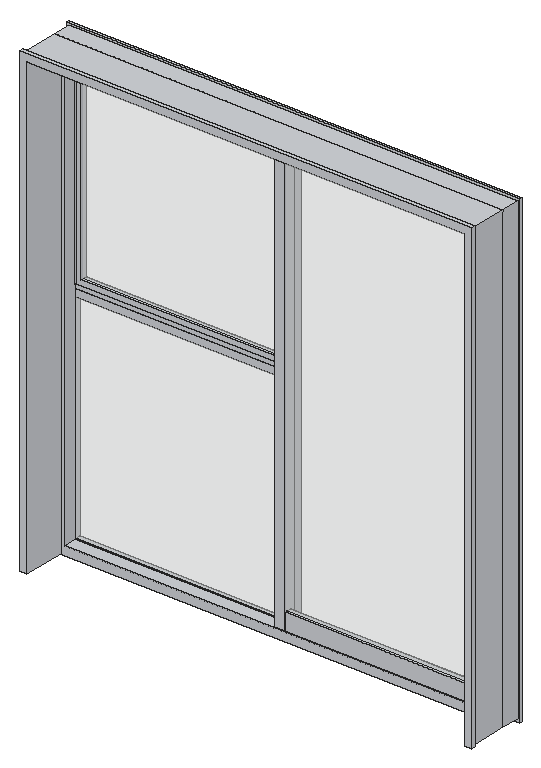
Revit family "APL Residential Thermal Heart Sliding Door SF with Sidelight", category Doors, host Wall, Revit 2017
Family settings
  Host = Wall
  OmniClass Number = 23.30.10.00
  OmniClass Title = Doors
  Always vertical = Yes
  Cut with Voids When Loaded = No
  Shared = No
  Room Calculation Point = No
Parameters (values of type "Architrave")
  Type [instance] = APL Residential Thermal Heart Sliding Door SF with Sidelight Horizontal Section : Groove Liner
  Sash [instance] = yes
  Rough Width = 2415 mm
  Rough Height = 2500 mm
  Rebate Height [instance] = 69.5 mm
  Liner Sill = yes
  Liner Head = yes
  Liner End [instance] = 10 mm
  Liner [instance] = 106.7 mm
  Jamb Liner 2 = yes
  Jamb Liner 1 = yes
  Groove [instance] = 10 mm
  Function = Interior
  Frame Width Sill = 15 mm
  Frame Projection Ext. = 13 mm
  Frame Projection Int. = 20 mm
  Frame Width = 17.306 mm
  Height = Rough Height - 12.5 mm  # 2487.5 mm
  Wall Closure = By host
  Width = Rough Width - 15 mm  # 2400 mm
  Reveal Liner = no
  Fixed [instance] = yes
  Arrow Opening = yes
  Architrave = yes
  Analytic Construction = "<None>"
Reference planes
  plane 1: y = 0
  plane 2 "Center (Left/Right)": x = -43
  plane 3 "Left": x = -1250.5
  plane 4 "Right": x = 1164.5
  plane 5: z = 2500
  plane 6 "Exterior": y = 150
  plane 7 "Interior": y = -150
  plane 8: z = 1250
Forms (mm)
  Extrusion 1, solid, visible <- "Architrave"
    sketch origin (0, -150, 0) x (1, 0, 0) y (0, 0, 1)
      loop
        line (-1250.5, 2500) -> (-1250.5, 0) -> (-1222.396, 0) -> (-1222.396, 2471.896) -> (1136.396, 2471.896) -> (1136.396, 0) -> (1164.5, 0) -> (1164.5, 2500) -> (-1250.5, 2500)
    from 0 to -203.35
  Extrusion 2, solid, visible <- "Architrave"
    sketch origin (-60, -150, 0) x (1, 0, 0) y (0, 0, 1)
      loop
        line (-1202, 2511.5) -> (-1202, 0) -> (-1162.396, 0) -> (-1162.396, 2471.896) -> (1196.396, 2471.896) -> (1196.396, -0.049) -> (1236, -0.049) -> (1236, 2511.5) -> (-1202, 2511.5)
    from 19.85 to 0
  Sweep 3, solid, visible <- "Reveal Liner"
    path origin (0, -150, 0) x (1, 0, 0) y (0, 0, 1)
      loop
        line (-1250.5, -0.049) -> (-1250.5, 2500) -> (1164.5, 2500) -> (1164.5, -0.049)
    profile origin (-1250.5, -150, 1249.975) x (-1, 0, 0) y (0, -1, 0)
      loop
        line (-9.104, 19.85) -> (-28.104, 19.85) -> (-28.104, -203.35) -> (0, -203.35) -> (0, -0.15) -> (-14.669, -0.15) -> (-14.669, 9.85) -> (-9.104, 9.85) -> (-9.104, 19.85)
  Extrusion 4, solid
    sketch origin (0, 150, -2.978) x (1, 0, 0) y (0, 0, 1)
      loop
        line (1164.5, 2502.978) -> (-1250.5, 2502.978) -> (-1250.5, 2.978) -> (1164.5, 2.978) -> (1164.5, 2502.978)
      loop
        line (1114, 2451.975) -> (-1199.791, 2451.975) -> (-1199.791, 50.478) -> (1114, 50.478) -> (1114, 2451.975)
    from 24.316 to 96.65
  Sweep 5, solid
    path origin (0, 150, 0) x (1, 0, 0) y (0, 0, 1)
      loop
        line (1199.692, 2534.7) -> (-1285.708, 2534.7) -> (-1285.708, -38.2) -> (1199.692, -38.2) -> (1199.692, 2534.7)
    profile origin (-1285.708, 150, 1248.25) x (0, -1, 0) y (1, 0, 0)
      loop
        line (-12.35, 22.708) -> (0, 22.708) -> (0, 42.708) -> (26.25, 42.708) -> (26.25, 66.708) -> (-18.35, 66.708) -> (-18.35, 43.708) -> (-12.35, 37.708) -> (-12.35, 22.708)
  Extrusion 6, solid
    sketch origin (-43, 0, 0) x (0, 1, 0) y (0, 0, 1)
      loop
        line (94.38, 2448.998) -> (59.9, 2448.998) -> (59.9, 2386.995) -> (94.38, 2386.995) -> (94.38, 2448.998)
    from 25.41 to 1103.759
  Extrusion 7, solid
    sketch origin (-43, 0, 2243.4) x (0, 1, 0) y (0, 0, 1)
      loop
        line (95.951, -2195.899) -> (95.951, -2105.099) -> (59.95, -2105.099) -> (59.95, -2195.899) -> (95.951, -2195.899)
    from 25.41 to 1103.759
  Extrusion 8, solid
    sketch origin (0, 0, 0) x (1, 0, 0) y (0, 1, 0)
      loop
        line (1114, 95.951) -> (1060.759, 95.951) -> (1060.759, 59.95) -> (1114, 59.95) -> (1114, 95.951)
    from 47.5 to 2448.998
  Extrusion 9, solid
    sketch origin (0, 0, 0) x (1, 0, 0) y (0, 1, 0)
      loop
        line (-17.59, 90.65) -> (-17.59, 66.65) -> (1060.759, 66.65) -> (1060.759, 90.65) -> (-17.59, 90.65)
    from 138.3 to 2386.995
  Extrusion 10, solid
    sketch origin (0, 0, 0) x (1, 0, 0) y (0, 1, 0)
      loop
        line (-69.805, 128.85) -> (-69.805, 152.85) -> (-1219, 152.85) -> (-1219, 128.85) -> (-69.805, 128.85)
    from 47.5 to 1219.292
  Sweep 11, solid
    path origin (0, 150, 0) x (1, 0, 0) y (0, 0, 1)
      loop
        line (-69.59, 47.5) -> (-69.59, 1219.292) -> (-1200, 1219.292) -> (-1200, 47.5) -> (-69.59, 47.5)
    profile origin (-1200, 150, 633.396) x (0, -1, 0) y (1, 0, 0)
      loop
        line (-3.964, 0) -> (-18.35, -14.386) -> (-18.35, -19) -> (24.316, -19) -> (24.316, 0) -> (-3.964, 0)
  Extrusion 12, solid
    sketch origin (0, 0, 0) x (1, 0, 0) y (0, 1, 0)
      loop
        line (-17.59, 125.684) -> (-69.805, 125.684) -> (-69.805, 59.95) -> (-17.59, 59.95) -> (-17.59, 125.684)
    from 47.5 to 2448.998
  Extrusion 13, solid
    sketch origin (0, 0, 0) x (1, 0, 0) y (0, 1, 0)
      loop
        line (-50.59, 125.684) -> (-17.59, 125.684) -> (-17.59, 168.35) -> (-50.59, 168.35) -> (-50.59, 125.684)
    from 28.508 to 2468
  Sweep 14, solid
    path origin (0, 150, 0) x (1, 0, 0) y (0, 0, 1)
      loop
        line (-17.59, 2450.062) -> (1114.992, 2450.062) -> (1114.992, 46.5) -> (-17.59, 46.5)
    profile origin (1114.992, 150, 1248.281) x (0, -1, 0) y (1, 0, 0)
      loop
        line (24.316, 17.992) -> (-18.35, 17.992) -> (-18.35, 16.674) -> (24.316, -0.999) -> (24.316, 17.992)
  Extrusion 15, solid
    sketch origin (-15, 150, -2.978) x (1, 0, 0) y (0, 0, 1)
      loop
        line (1179.5, 2502.978) -> (-1235.5, 2502.978) -> (-1235.5, 2.978) -> (1179.5, 2.978) -> (1179.5, 2502.978)
      loop
        line (1172, 2494.978) -> (-1228, 2494.978) -> (-1228, 7.478) -> (1172, 7.478) -> (1172, 2494.978)
    from 0 to 24.316
  Sweep 16, solid
    path origin (0, 150, 0) x (1, 0, 0) y (0, 0, 1)
      loop
        line (-47.2, 2471.408) -> (-1222.396, 2471.408) -> (-1222.396, 1254.908) -> (-47.2, 1254.908) -> (-47.2, 2471.408)
    profile origin (-1222.396, 150, 1863.158) x (0, -1, 0) y (1, 0, 0)
      loop
        line (-24.75, -2.103) -> (-18.35, -2.103) -> (-18.35, 3.397) -> (24.316, 3.397) -> (24.316, 22.605) -> (21.773, 22.605) -> (21.773, 51.692) -> (-12.738, 51.692) -> (-24.75, 39.68) -> (-24.75, -2.103)
  Extrusion 17, solid
    sketch origin (-43, 0, 0) x (0, 1, 0) y (0, 0, 1)
      loop
        line (168.35, 1258.305) -> (122.35, 1258.305) -> (122.35, 1219.258) -> (125.684, 1219.258) -> (125.684, 1238.292) -> (168.35, 1238.292) -> (168.35, 1258.305)
    from -1176 to -7.59
  Extrusion 18, solid
    sketch origin (0, 0, 0) x (1, 0, 0) y (0, 1, 0)
      loop
        line (-1170.705, 137.75) -> (-98.892, 137.75) -> (-98.892, 161.75) -> (-1170.705, 161.75) -> (-1170.705, 137.75)
    from 1306.6 to 2419.716
Cuts and joins
  joined: Extrusion 1, Extrusion 2
  joined: Extrusion 4, Sweep 5, Sweep 14, Extrusion 15
Lines and regions (mm)
  Opening 1
    outline origin (-5000.306, -150, 0) x (1, 0, 0) y (0, 0, 1)
      loop
        line (6164.806, 2500) -> (3749.806, 2500) -> (3749.806, 0) -> (6164.806, 0) -> (6164.806, 2500)
  symbolic lines, style "DoorsOpeningProjection", visible <- "Arrow Opening"
    curve 1: line (747.149, 150, 1250) -> (247.149, 150, 1250)
    curve 2: line (247.149, 150, 1250) -> (343.742, 150, 1275.882)
  symbolic lines, style "DoorsOpeningProjection"
    curve 3: line (798.201, 207.712, 0) -> (298.201, 207.712, 0)
    curve 4: line (298.201, 207.712, 0) -> (394.794, 233.594, 0)
  symbolic lines, style "Elevation Swing"
    curve 5: line (-634.798, 150, 2419.716) -> (-98.892, 150, 1306.6)
    curve 6: line (-634.798, 150, 2419.716) -> (-1170.596, 150, 1306.6)
Text (mm)
  text "Exterior" at (-2295.016, 1652.778, 0), in view "Ref. Level"
  text "Exterior" at (0, 1615.38, 3698.081), in view "Left"
  text "Exterior" at (0, 508.214, 2952.919), in view "Right"
Dimensions and locks
  equal spacing: plane 3 "Left", plane 2 "Center (Left/Right)", plane 4 "Right"
  "Rough Width": plane 3 "Left" to plane 4 "Right"
  "Rough Height": plane 5 to host wall
  locked: plane 6 "Exterior" to host wall at 0
  locked: plane 7 "Interior" to host wall
  level to plane 5 = 2500 mm
  equal spacing: level, curve 1, plane 5
  locked: Extrusion 8 to plane 5 at 51.002
  locked: Extrusion 6 to plane 5 at 113.005
  cut or joined group of Extrusion 4, Sweep 5, Sweep 14, Extrusion 15 to cut or joined group of Extrusion 4, Sweep 5, Sweep 14, Extrusion 15 = 50.709 mm
  plane 3 "Left" to cut or joined group of Extrusion 4, Sweep 5, Sweep 14, Extrusion 15 = 50.709 mm
  locked: cut or joined group of Extrusion 4, Sweep 5, Sweep 14, Extrusion 15 to plane 3 "Left" at 12.5
  locked: plane 3 "Left" to Sweep 11 at 31.5
  locked: cut or joined group of Extrusion 1, Extrusion 2 to cut or joined group of Extrusion 1, Extrusion 2 at 28.104  (x2)
  locked: cut or joined group of Extrusion 4, Sweep 5, Sweep 14, Extrusion 15 to plane 6 "Exterior" at 96.65
  cut or joined group of Extrusion 4, Sweep 5, Sweep 14, Extrusion 15 to Extrusion 8 to Extrusion 9 to Extrusion 9 to Extrusion 8 to cut or joined group of Extrusion 4, Sweep 5, Sweep 14, Extrusion 15 to plane 6 "Exterior" to Sweep 14 = 6.6 mm locked, 6.7 mm locked, 24 mm locked, 5.301 mm locked, 29.733 mm, 24.316 mm, 18.35 mm locked
  locked: Extrusion 8 to cut or joined group of Extrusion 4, Sweep 5, Sweep 14, Extrusion 15 at 53.241
  Extrusion 12 to plane 2 "Center (Left/Right)" to Extrusion 12 = 26.805 mm locked, 25.41 mm locked
  locked: cut or joined group of Extrusion 4, Sweep 5, Sweep 14, Extrusion 15 to plane 4 "Right" at 50.5
  plane 6 "Exterior" to Extrusion 6 to Extrusion 6 = 55.62 mm locked, 34.48 mm locked
  locked: Extrusion 13 to plane 5 at 32
  locked: curve 3 to curve 3 at 500
  locked: curve 4 to curve 4 at 100
  locked: plane 3 "Left" to nested 1 at 7.5
  locked: Extrusion 18 to plane 5 at 80.284
  plane 8 to Extrusion 17 to Sweep 11 = 11.708 mm locked, 19 mm locked
  Sweep 16 to Extrusion 17 to plane 8 = 48.295 mm locked, 8.305 mm locked
  equal spacing: level, plane 8, plane 5
  locked: plane 8 to Extrusion 10 at 30.708
  locked: plane 8 to Extrusion 18 at 56.6
  equal spacing: Extrusion 18, curve 6, Extrusion 18
  locked: nested 3 to plane 5 at 7.992
  locked: nested 2 to plane 5 at 8.005
  locked: curve 3 to curve 4 (angle 15.00°)
  aligned and locked: host wall to plane 1
  aligned and locked: Extrusion 6 to Extrusion 9
  aligned and locked: Extrusion 15 to level
  aligned and locked: Extrusion 9 to Extrusion 6
  aligned and locked: Extrusion 6 to Extrusion 8  (x2)
  aligned and locked: Extrusion 7 to Extrusion 8  (x2)
  aligned and locked: Sweep 3 sketch curve to cut or joined group of Extrusion 4, Sweep 5, Sweep 14, Extrusion 15
  aligned and locked: Extrusion 1 to Sweep 3  (x2)
  aligned and locked: Extrusion 8 to Extrusion 9
  aligned and locked: Extrusion 1 to level
  aligned and locked: Extrusion 1 to Extrusion 2
  aligned and locked: Extrusion 6 to Extrusion 12
  aligned and locked: Extrusion 17 to Extrusion 10
  aligned and locked: Extrusion 18 to Sweep 16
  aligned and locked: Sweep 11 to Extrusion 17
  aligned and locked: Extrusion 17 to Sweep 11
  aligned and locked: Extrusion 12 to Extrusion 7
  aligned and locked: Sweep 16 to curve 6
  aligned and locked: curve 5 to Sweep 16
  aligned and locked: Extrusion 4 to Sweep 14
Automatic sketch dimensions
  plane 3 "Left" to Opening 1 sketch curve = 0 mm
  Opening 1 sketch curve to level = 0 mm
  plane 4 "Right" to Opening 1 sketch curve = 0 mm
  Opening 1 sketch curve to plane 5 = 0 mm
  Extrusion 1 sketch curve to level = 0 mm
  plane 3 "Left" to Extrusion 1 sketch curve = 0 mm
  plane 4 "Right" to Extrusion 1 sketch curve = 0 mm
  Extrusion 1 sketch curve to plane 5 = 0 mm
  Extrusion 1 sketch curve to Extrusion 1 sketch curve = 28.104 mm
  plane 4 "Right" to Extrusion 1 sketch curve = 28.104 mm
  level to Extrusion 1 sketch curve = 0 mm
  plane 5 to Extrusion 1 sketch curve = 28.104 mm
  Extrusion 2 sketch curve to level = 0 mm
  plane 3 "Left" to Extrusion 2 sketch curve = 11.5 mm
  Extrusion 2 sketch curve to plane 3 "Left" = 28.104 mm
  plane 4 "Right" to Extrusion 2 sketch curve = 28.104 mm
  Extrusion 2 sketch curve to plane 4 "Right" = 11.5 mm
  Extrusion 2 sketch curve to level = 0.049 mm
  plane 5 to Extrusion 2 sketch curve = 28.104 mm
  Extrusion 2 sketch curve to plane 5 = 11.5 mm
  plane 3 "Left" to Sweep 3 sketch curve = 0 mm
  plane 4 "Right" to Sweep 3 sketch curve = 0 mm
  Sweep 3 sketch curve to plane 5 = 0 mm
  Sweep 3 sketch curve to level = 0.049 mm  (x2)
  plane 3 "Left" to Extrusion 4 sketch curve = 0 mm
  plane 4 "Right" to Extrusion 4 sketch curve = 0 mm
  Extrusion 4 sketch curve to level = 0 mm
  Extrusion 4 sketch curve to plane 5 = 0 mm
  Extrusion 4 sketch curve to plane 3 "Left" = 50.709 mm
  plane 4 "Right" to Extrusion 4 sketch curve = 50.5 mm
  level to Extrusion 4 sketch curve = 47.5 mm
  plane 5 to Extrusion 4 sketch curve = 51.002 mm
  plane 3 "Left" to Sweep 5 sketch curve = 35.208 mm
  Sweep 5 sketch curve to plane 4 "Right" = 35.192 mm
  Sweep 5 sketch curve to level = 38.2 mm
  Sweep 5 sketch curve to plane 5 = 34.7 mm
  plane 6 "Exterior" to Sweep 5 sketch curve = 0 mm
  Sweep 5 sketch curve to Sweep 5 sketch curve = 12.35 mm
  Sweep 5 sketch curve to plane 6 "Exterior" = 18.35 mm
  plane 6 "Exterior" to Sweep 5 sketch curve = 26.25 mm
  Sweep 5 sketch curve to profile plane = 22.708 mm
  Sweep 5 sketch curve to Sweep 5 sketch curve = 15 mm
  Sweep 5 sketch curve to Sweep 5 sketch curve = 20 mm
  Sweep 5 sketch curve to Sweep 5 sketch curve = 6 mm
  Sweep 5 sketch curve to Sweep 5 sketch curve = 23 mm
  Extrusion 6 sketch curve to host wall = 59.9 mm
  Extrusion 6 sketch curve to Extrusion 6 sketch curve = 34.48 mm
  plane 5 to Extrusion 6 sketch curve = 113.005 mm
  plane 5 to Extrusion 6 sketch curve = 51.002 mm
  host wall to Extrusion 7 sketch curve = 59.95 mm
  Extrusion 7 sketch curve to Extrusion 7 sketch curve = 36.001 mm
  Extrusion 7 sketch curve to level = 138.3 mm
  Extrusion 7 sketch curve to level = 47.5 mm
  Extrusion 8 sketch curve to host wall = 95.951 mm
  plane 4 "Right" to Extrusion 8 sketch curve = 103.741 mm
  Extrusion 8 sketch curve to host wall = 59.95 mm
  plane 4 "Right" to Extrusion 8 sketch curve = 50.5 mm
  plane 2 "Center (Left/Right)" to Extrusion 9 sketch curve = 25.41 mm
  Extrusion 9 sketch curve to host wall = 66.65 mm
  plane 4 "Right" to Extrusion 9 sketch curve = 103.741 mm
  Extrusion 9 sketch curve to Extrusion 9 sketch curve = 24 mm
  Extrusion 10 sketch curve to host wall = 21.15 mm
  Extrusion 10 sketch curve to plane 3 "Left" = 31.5 mm
  host wall to Extrusion 10 sketch curve = 2.85 mm
  Extrusion 10 sketch curve to plane 2 "Center (Left/Right)" = 26.805 mm
  Extrusion 12 sketch curve to plane 2 "Center (Left/Right)" = 26.805 mm
  Extrusion 12 sketch curve to host wall = 59.95 mm
  plane 2 "Center (Left/Right)" to Extrusion 12 sketch curve = 25.41 mm
  Extrusion 12 sketch curve to host wall = 24.316 mm
  Extrusion 13 sketch curve to plane 2 "Center (Left/Right)" = 7.59 mm
  plane 2 "Center (Left/Right)" to Extrusion 13 sketch curve = 25.41 mm
  Extrusion 13 sketch curve to host wall = 24.316 mm
  host wall to Extrusion 13 sketch curve = 18.35 mm
  plane 4 "Right" to Sweep 14 sketch curve = 49.508 mm
  level to Sweep 14 sketch curve = 46.5 mm
  plane 5 to Sweep 14 sketch curve = 49.938 mm
  plane 2 "Center (Left/Right)" to Sweep 14 sketch curve = 25.41 mm  (x2)
  Extrusion 15 sketch curve to plane 5 = 0 mm
  Extrusion 15 sketch curve to level = 0 mm
  plane 3 "Left" to Extrusion 15 sketch curve = 0 mm
  Extrusion 15 sketch curve to plane 3 "Left" = 7.5 mm
  plane 4 "Right" to Extrusion 15 sketch curve = 7.5 mm
  plane 4 "Right" to Extrusion 15 sketch curve = 0 mm
  level to Extrusion 15 sketch curve = 4.5 mm
  plane 5 to Extrusion 15 sketch curve = 8 mm
  Sweep 14 sketch curve to plane 6 "Exterior" = 18.35 mm
  Sweep 14 sketch curve to profile plane = 16.674 mm
  Sweep 14 sketch curve to Sweep 14 sketch curve = 1.318 mm
  profile plane to Sweep 14 sketch curve = 0.999 mm
  plane 6 "Exterior" to Sweep 14 sketch curve = 24.316 mm
  Sweep 11 sketch curve to profile plane = 0 mm
  Sweep 11 sketch curve to plane 6 "Exterior" = 18.35 mm
  Sweep 11 sketch curve to plane 6 "Exterior" = 3.964 mm
  plane 6 "Exterior" to Sweep 11 sketch curve = 24.316 mm
  profile plane to Sweep 11 sketch curve = 14.386 mm
  profile plane to Sweep 11 sketch curve = 19 mm
  Sweep 3 sketch curve to profile plane = 0 mm
  profile plane to Sweep 3 sketch curve = 9.104 mm
  Sweep 3 sketch curve to Sweep 3 sketch curve = 5.565 mm
  Sweep 3 sketch curve to Sweep 3 sketch curve = 28.104 mm
  Sweep 3 sketch curve to plane 7 "Interior" = 0.15 mm
  plane 7 "Interior" to Sweep 3 sketch curve = 9.85 mm
  Sweep 3 sketch curve to Sweep 3 sketch curve = 10 mm
  host wall to curve 3 = 57.712 mm
  plane 2 "Center (Left/Right)" to curve 3 = 341.201 mm
  Sweep 11 sketch curve to plane 3 "Left" = 50.5 mm
  Sweep 11 sketch curve to plane 2 "Center (Left/Right)" = 26.59 mm
  level to Sweep 11 sketch curve = 47.5 mm
  Sweep 11 sketch curve to Sweep 11 sketch curve = 1171.791 mm
  host wall to Extrusion 18 sketch curve = 11.75 mm
  Extrusion 18 sketch curve to plane 3 "Left" = 79.795 mm
  Extrusion 18 sketch curve to plane 2 "Center (Left/Right)" = 55.892 mm
  Extrusion 18 sketch curve to host wall = 12.25 mm
  Extrusion 17 sketch curve to host wall = 27.65 mm
  Extrusion 17 sketch curve to Extrusion 17 sketch curve = 3.335 mm
  host wall to Extrusion 17 sketch curve = 18.35 mm
  level to Extrusion 17 sketch curve = 1219.258 mm
  Extrusion 17 sketch curve to Extrusion 17 sketch curve = 19.034 mm
  Extrusion 17 sketch curve to Extrusion 17 sketch curve = 20.013 mm
  Sweep 16 sketch curve to plane 3 "Left" = 28.104 mm
  Sweep 16 sketch curve to plane 2 "Center (Left/Right)" = 4.2 mm
  plane 5 to Sweep 16 sketch curve = 1245.092 mm
  plane 5 to Sweep 16 sketch curve = 28.592 mm
  profile plane to Sweep 16 sketch curve = 2.103 mm
  Sweep 16 sketch curve to plane 6 "Exterior" = 24.75 mm
  Sweep 16 sketch curve to Sweep 16 sketch curve = 6.4 mm
  Sweep 16 sketch curve to plane 6 "Exterior" = 12.738 mm
  plane 6 "Exterior" to Sweep 16 sketch curve = 21.773 mm
  Sweep 16 sketch curve to Sweep 16 sketch curve = 2.542 mm
  Sweep 16 sketch curve to profile plane = 3.397 mm
  Sweep 16 sketch curve to Sweep 16 sketch curve = 19.209 mm
  Sweep 16 sketch curve to Sweep 16 sketch curve = 36.283 mm
  Sweep 16 sketch curve to Sweep 16 sketch curve = 29.087 mm
  plane 2 "Center (Left/Right)" to curve 2 = 290.149 mm
  plane 5 to curve 6 = 80.284 mm
  curve 6 to plane 3 "Left" = 79.904 mm
  curve 5 to plane 2 "Center (Left/Right)" = 55.892 mm
  plane 8 to curve 2 = 25.882 mm
  curve 1 to curve 2 = 96.593 mm
  curve 2 to curve 1 = 403.407 mm
Nested families
  nested 1: "APL Residential Thermal Heart Sliding Door SF with Sidelight Horizontal Section" at (-742.917, 207.796, -15.492), Box Width <- "Width", type <- "Type", type "Groove Liner"
    with Liner End 10 mm, Liner 106.8 mm, Groove 10 mm, Glass Sash Length 1098 mm, Glass Length 1104 mm, Box Width 2400 mm
  nested 2: "APL Residential Thermal Heart Sliding Door SF Vertical Section" at (-1263, -227.596, 1121.642) x (0, -1, 0) z (1, 0, 0), Box Height <- "Height", Groove <- "Groove", Liner <- "Liner", Liner End <- "Liner End", type "Groove Liner"
    with Liner End 10 mm, Liner 106.7 mm, Groove 10 mm, Glass Length 2269.6 mm, Box Height 2487.5 mm
  nested 3: "APL Residential Thermal Heart Sliding Door SF with Sidelight Vertical Section" at (-1263, -227.127, 127.905) x (0, -1, 0) z (1, 0, 0), Box Height <- "Height", type "Groove Liner"
    with Liner End 10 mm, Liner 100 mm, Groove 10 mm, Glass Sash 1139.75 mm, Glass Length 1197.25 mm, Box Height 2487.5 mm
  nested 4: "APL Residential Thermal Heart Sliding Door SF with Sidelight Vertical Section" at (-873.309, 150, 127.89) x (1, 0, 0) z (0, -1, 0), Box Height <- "Height", type "Groove Liner"
    with Liner End 10 mm, Liner 100 mm, Groove 10 mm, Glass Sash 1139.75 mm, Glass Length 1197.25 mm, Box Height 2487.5 mm
Definition of nested family "APL Residential Thermal Heart Sliding Door SF with Sidelight Horizontal Section"
  Parameters (values of type "Groove Liner")
    Liner End [instance] = 10 mm
    Liner Block = Liner : Liner
    Liner [instance] = 100 mm
    Groove [instance] = 10 mm
    Glass Length [instance] = (Box Width / 2) - 96 mm  # 154 mm
    Glass Sash Length [instance] = (Box Width / 2) - 102 mm  # 148 mm
    Box Width [instance] = 500 mm
  Types (2, lengths in mm): name | Liner Block
    Groove Liner | Liner : Liner
    Liner | Liner No Groove : Liner No Groove
  Reference planes
    plane 1 "Center (Front/Back)": y = 39.446
    plane 2: z = 0
    plane 3 "Center (Left/Right)": x = -250.083
    plane 4: x = -500.083
    plane 5: x = -0.083
    plane 6: y = 150.946
    plane 7: y = 150.946
    plane 8: x = 7.417
    plane 9: y = 57.796
  Dimensions and locks
    equal spacing: plane 4, plane 3 "Center (Left/Right)", plane 5
    "Box Width": plane 4 to plane 5
    "Liner": plane 6 to nested 1
    "Liner": plane 7 to nested 2
    plane 8 to plane 5 = 7.5 mm
    locked: nested 5 to nested 3 at 6
    locked: nested 5 to plane 5 at 83.24
    locked: plane 3 "Center (Left/Right)" to nested 4 at 12.408
    locked: nested 3 to nested 2 at 22.397
    nested 3 to plane 9 = 5 mm
    locked: plane 4 to nested 8 at 59
    nested 9 to plane 3 "Center (Left/Right)" = 42.59 mm
    locked: nested 9 to nested 6 at 6
    locked: nested 6 to nested 4 at 6
    nested 6 to plane 3 "Center (Left/Right)" to nested 6 = 26.59 mm locked, 25.41 mm locked
    locked: nested 1 to nested 7 at 22.397
    locked: nested 7 to nested 8 at 6
    aligned and locked: nested 2 to plane 7
    aligned and locked: plane 5 to nested 3
    aligned and locked: nested 7 to plane 4
  Nested families
    nested 1: "Liner" at (-479.48, 150.946, 0) x (0, 1, 0) z (0, 0, 1), type <- "Liner Block", type "Liner", in view "Ref. Level", detail levels fine
      with built-in parameter 1001306 0.32808 (stored number, unit not read)
    nested 2: "Liner" at (-20.687, 150.946, 0) x (0, 1, 0) z (0, 0, 1), type <- "Liner Block", type "Liner", in view "Ref. Level", detail levels fine
      with built-in parameter 1001306 0.32808 (stored number, unit not read)
    nested 3: "Jamb Stile" at (-0.083, 39.446, 0), type "Jamb Stile", in view "Ref. Level", detail levels fine
    nested 4: "Glass" at (-237.676, 117.147, 0) x (0, 1, 0) z (0, 0, 1), Glass Lenght <- "Glass Length", type "Glass", in view "Ref. Level", detail levels fine
      with Glass Lenght 154 mm
    nested 5: "Glass" at (-83.323, 117.147, 0) x (0, 1, 0) z (0, 0, 1), Glass Lenght <- "Glass Length", type "Glass", in view "Ref. Level", detail levels fine
      with Glass Lenght 154 mm
    nested 6: "Interlocker&Sash" at (-250.083, 109.946, 0), type "Interlocker&Sash", in view "Ref. Level", detail levels fine
    nested 7: "Jamb&Sash" at (-500.083, 39.446, 0), type "Jamb&Sash", in view "Ref. Level", detail levels fine
    nested 8: "Glazing" at (-441.083, 46.046, 0) x (0, 1, 0) z (0, 0, 1), Glass Lenght <- "Glass Sash Length", type "Glazing", in view "Ref. Level", detail levels fine
      with Glass Lenght 148 mm
    nested 9: "Glazing" at (-292.673, 46.046, 0) x (0, 1, 0) z (0, 0, 1), Glass Lenght <- "Glass Sash Length", type "Glazing", in view "Ref. Level", detail levels fine
      with Glass Lenght 148 mm
  Definition of nested family "Liner"
    Parameters (values of type "Liner")
      Type Image = (empty or 0)
      built-in parameter 1001306 [instance] = 100 mm
      Groove [instance] = 10 mm
      End Liner [instance] = 10 mm
    Reference planes
      plane 1 "Center (Front/Back)": y = 0
      plane 2: z = 0
      plane 3 "Left": x = 0
      plane 4 "Right": x = 100
    Lines and regions (mm)
      Filled region 1, type "Brick", in view "Ref. Level"
        outline origin (0, 0, 0) x (1, 0, 0) y (0, 1, 0)
          loop
            line (0, 0) -> (120, 0) -> (120, 19) -> (110, 19) -> (110, 13.435) -> (100, 13.435) -> (100, 19) -> (0, 19) -> (0, 0)
      reference lines, in view "Ref. Level"
        curve 1: line (0, 0, 0) -> (100, 0, 0)
      detail lines, in view "Ref. Level", detail levels fine
        curve 2: line (100, 0, 0) -> (0, 0, 0)
    Dimensions and locks
      "built-in parameter 1001306": plane 3 "Left" to plane 4 "Right"
      locked: Filled region 1 to curve 2 at 19
      "Groove": plane 4 "Right" to Filled region 1
      "End Liner": Filled region 1 to Filled region 1
      aligned and locked: plane 1 "Center (Front/Back)" to curve 1
      aligned and locked: plane 3 "Left" to curve 1
      aligned and locked: plane 4 "Right" to curve 1
      aligned and locked: curve 1 to Filled region 1
      aligned and locked: plane 1 "Center (Front/Back)" to Filled region 1
      aligned and locked: Filled region 1 to plane 3 "Left"
    Automatic sketch dimensions
      curve 2 to plane 4 "Right" = 0 mm
      Filled region 1 sketch curve to plane 3 "Left" = 0 mm
      Filled region 1 sketch curve to plane 4 "Right" = 0 mm
      Filled region 1 sketch curve to Filled region 1 sketch curve = 10 mm  (x2)
      Filled region 1 sketch curve to plane 1 "Center (Front/Back)" = 0 mm
      Filled region 1 sketch curve to plane 1 "Center (Front/Back)" = 13.435 mm
      Filled region 1 sketch curve to Filled region 1 sketch curve = 5.565 mm  (x2)
      curve 2 to plane 3 "Left" = 0 mm
  Definition of nested family "Jamb Stile"
    Reference planes
      plane 1 "Center (Front/Back)": y = 0
      plane 2: z = 0
      plane 3 "Center (Left/Right)": x = 0
    Dimensions and locks
      locked: nested 3 to nested 1 at 18
      locked: nested 1 to nested 3 at 6.6
    Nested families
      nested 1: "65400_Frame Head" at (0, 0, 0) x (0, 1, 0) z (0, 0, 1), type "65400_Frame Head", in view "Ref. Level"
      nested 2: "65575_Threshold" at (-24, 0, 0) x (0, 1, 0) z (0, 0, 1), type "65575_Threshold", in view "Ref. Level"
      nested 3: "65520_Lock Stile" at (-32, 108.4, 0) x (-1, 0, 0) z (0, 0, 1), type "65520_Lock Stile", in view "Ref. Level"
    Definition of nested family "65400_Frame Head"
      Reference planes
        plane 1 "Center (Front/Back)": y = 0
        plane 2: z = 0
        plane 3 "Center (Left/Right)": x = 0
      Lines and regions (mm)
        detail lines, in view "Ref. Level"
          curve 1: arc (46.1, -24.2, 0) -> (45.602, -22.998, 0) -> (44.4, -22.5, 0) r 1.7
          curve 2: arc (29.9, -22.5, 0) -> (29.546, -22.354, 0) -> (29.4, -22, 0) r 0.5
          curve 3: arc (29.4, -8.901, 0) -> (29.546, -8.547, 0) -> (29.9, -8.4, 0) r 0.5
          curve 4: arc (36.605, -8.4, 0) -> (37.013, -8.479, 0) -> (37.363, -8.704, 0) r 1.1
          curve 5: arc (37.363, -8.704, 0) -> (38.199, -9.316, 0) -> (39.189, -9.621, 0) r 3.126
          curve 6: arc (62.286, -10.8, 0) -> (62.738, -11.119, 0) -> (63.285, -11.042, 0) r 0.75
          curve 7: arc (63.285, -11.042, 0) -> (64.2, -10.8, 0) -> (65.115, -11.042, 0) r 1.85
          curve 8: arc (65.115, -11.042, 0) -> (65.281, -11.112, 0) -> (65.459, -11.14, 0) r 0.75
          curve 9: arc (65.459, -11.14, 0) -> (65.663, -11.192, 0) -> (65.828, -11.324, 0) r 0.5
          curve 10: arc (65.828, -11.324, 0) -> (66.3, -12.65, 0) -> (65.828, -13.976, 0) r 2.1
          curve 11: arc (65.828, -13.976, 0) -> (65.663, -14.108, 0) -> (65.459, -14.16, 0) r 0.5
          curve 12: arc (65.459, -14.16, 0) -> (65.281, -14.188, 0) -> (65.115, -14.258, 0) r 0.75
          curve 13: arc (65.115, -14.258, 0) -> (63.721, -14.437, 0) -> (62.604, -13.585, 0) r 1.85
          curve 14: arc (62.604, -13.585, 0) -> (61.577, -13.317, 0) -> (61.309, -14.343, 0) r 0.75
          curve 15: arc (61.309, -14.343, 0) -> (62.349, -15.442, 0) -> (63.765, -15.972, 0) r 3.35
          curve 16: arc (63.765, -15.972, 0) -> (64.076, -16.138, 0) -> (64.2, -16.467, 0) r 0.5
          curve 17: arc (64.2, -25.517, 0) -> (64.489, -27.435, 0) -> (65.33, -29.182, 0) r 6.5
          curve 18: arc (65.33, -29.182, 0) -> (65.978, -30.526, 0) -> (66.2, -32, 0) r 5
          curve 19: arc (66.2, -41.1, 0) -> (66.054, -41.454, 0) -> (65.7, -41.6, 0) r 0.5
          curve 20: arc (47, -41.6, 0) -> (46.646, -41.454, 0) -> (46.5, -41.1, 0) r 0.5
          curve 21: arc (46.5, -36.5, 0) -> (46.396, -35.952, 0) -> (46.1, -35.48, 0) r 1.5
          curve 22: arc (24.183, -8.227, 0) -> (24.053, -8.162, 0) -> (24, -8.027, 0) r 0.2
          curve 23: arc (24.399, -5.679, 0) -> (24.668, -5.392, 0) -> (25.06, -5.387, 0) r 0.5
          curve 24: arc (25.06, -5.387, 0) -> (25.236, -5.3, 0) -> (25.42, -5.367, 0) r 0.25
          curve 25: arc (25.42, -5.367, 0) -> (25.563, -5.498, 0) -> (25.569, -5.691, 0) r 0.25
          curve 26: arc (26.823, -6.456, 0) -> (26.898, -6.489, 0) -> (26.979, -6.5, 0) r 0.3
          curve 27: arc (27.5, -6.5, 0) -> (27.658, -6.422, 0) -> (27.694, -6.25, 0) r 0.2
          curve 28: arc (27.5, -2.247, 0) -> (27.526, -2.125, 0) -> (27.6, -2.024, 0) r 0.3
          curve 29: arc (27.6, -2.024, 0) -> (27.664, -1.657, 0) -> (27.322, -1.51, 0) r 0.3
          curve 30: arc (25.179, -2.043, 0) -> (25.09, -2.095, 0) -> (25.038, -2.184, 0) r 0.2
          curve 31: arc (24.993, -2.352, 0) -> (24.852, -2.493, 0) -> (24.659, -2.441, 0) r 0.2
          curve 32: arc (24.295, -2.078, 0) -> (24.235, -1.992, 0) -> (24.208, -1.892, 0) r 0.3
          curve 33: arc (24.001, 0.474, 0) -> (24.117, 0.738, 0) -> (24.403, 0.782, 0) r 0.3
          curve 34: arc (25.813, 0.268, 0) -> (25.939, 0.181, 0) -> (26.005, 0.043, 0) r 0.3
          curve 35: arc (26.005, 0.043, 0) -> (26.278, -0.199, 0) -> (26.583, 0, 0) r 0.3
          curve 36: arc (28.9, 0, 0) -> (29.254, -0.146, 0) -> (29.4, -0.5, 0) r 0.5
          curve 37: arc (29.4, -6.1, 0) -> (29.546, -6.454, 0) -> (29.9, -6.6, 0) r 0.499
          curve 38: arc (37.767, -6.6, 0) -> (38.931, -6.835, 0) -> (39.913, -7.503, 0) r 2.996
          curve 39: arc (39.913, -7.503, 0) -> (40.232, -7.73, 0) -> (40.611, -7.831, 0) r 1.1
          curve 40: arc (68.1, -8.9, 0) -> (68.241, -8.841, 0) -> (68.3, -8.7, 0) r 0.2
          curve 41: arc (68.3, -0.5, 0) -> (68.446, -0.146, 0) -> (68.8, 0, 0) r 0.5
          curve 42: arc (71.117, 0, 0) -> (71.422, -0.199, 0) -> (71.695, 0.043, 0) r 0.3
          curve 43: arc (71.695, 0.043, 0) -> (71.761, 0.181, 0) -> (71.887, 0.268, 0) r 0.3
          curve 44: arc (73.297, 0.782, 0) -> (73.583, 0.738, 0) -> (73.699, 0.474, 0) r 0.3
          curve 45: arc (73.492, -1.892, 0) -> (73.465, -1.992, 0) -> (73.405, -2.078, 0) r 0.3
          curve 46: arc (73.041, -2.441, 0) -> (72.848, -2.493, 0) -> (72.707, -2.352, 0) r 0.2
          curve 47: arc (72.662, -2.184, 0) -> (72.61, -2.095, 0) -> (72.521, -2.043, 0) r 0.2
          curve 48: arc (70.378, -1.51, 0) -> (70.036, -1.657, 0) -> (70.1, -2.024, 0) r 0.3
          curve 49: arc (70.1, -2.024, 0) -> (70.174, -2.125, 0) -> (70.2, -2.247, 0) r 0.3
          curve 50: arc (70.006, -6.25, 0) -> (70.042, -6.422, 0) -> (70.2, -6.5, 0) r 0.2
          curve 51: arc (70.721, -6.5, 0) -> (70.802, -6.489, 0) -> (70.877, -6.456, 0) r 0.3
          curve 52: arc (72.131, -5.691, 0) -> (72.137, -5.498, 0) -> (72.28, -5.367, 0) r 0.25
          curve 53: arc (72.28, -5.367, 0) -> (72.55, -5.321, 0) -> (72.7, -5.55, 0) r 0.25
          curve 54: arc (72.7, -7.124, 0) -> (72.618, -7.522, 0) -> (72.385, -7.854, 0) r 1
          curve 55: arc (72.385, -7.854, 0) -> (72.322, -8, 0) -> (72.385, -8.146, 0) r 0.2
          curve 56: arc (72.385, -8.146, 0) -> (72.618, -8.477, 0) -> (72.7, -8.874, 0) r 1
          curve 57: arc (72.7, -10.449, 0) -> (72.573, -10.668, 0) -> (72.32, -10.663, 0) r 0.25
          curve 58: arc (72.234, -10.611, 0) -> (72.128, -10.479, 0) -> (72.131, -10.309, 0) r 0.25
          curve 59: arc (70.877, -9.544, 0) -> (70.802, -9.511, 0) -> (70.721, -9.5, 0) r 0.3
          curve 60: arc (70.2, -9.5, 0) -> (70.042, -9.578, 0) -> (70.006, -9.75, 0) r 0.2
          curve 61: arc (70.2, -13.753, 0) -> (70.174, -13.876, 0) -> (70.1, -13.976, 0) r 0.3
          curve 62: arc (70.1, -13.976, 0) -> (70.02, -14.307, 0) -> (70.3, -14.5, 0) r 0.3
          curve 63: arc (72.521, -13.957, 0) -> (72.61, -13.905, 0) -> (72.662, -13.816, 0) r 0.2
          curve 64: arc (72.707, -13.648, 0) -> (72.848, -13.507, 0) -> (73.041, -13.559, 0) r 0.2
          curve 65: arc (73.405, -13.922, 0) -> (73.465, -14.008, 0) -> (73.492, -14.108, 0) r 0.3
          curve 66: arc (73.699, -16.474, 0) -> (73.583, -16.738, 0) -> (73.297, -16.782, 0) r 0.3
          curve 67: arc (71.887, -16.268, 0) -> (71.761, -16.181, 0) -> (71.695, -16.043, 0) r 0.3
          curve 68: arc (71.695, -16.043, 0) -> (71.422, -15.801, 0) -> (71.117, -16, 0) r 0.3
          curve 69: arc (66.201, -16, 0) -> (65.847, -16.146, 0) -> (65.7, -16.5, 0) r 0.5
          curve 70: arc (65.7, -25.519, 0) -> (65.922, -26.994, 0) -> (66.57, -28.337, 0) r 5
          curve 71: arc (66.57, -28.337, 0) -> (67.411, -30.083, 0) -> (67.7, -32, 0) r 6.5
          curve 72: arc (67.7, -33.1, 0) -> (67.759, -33.241, 0) -> (67.9, -33.3, 0) r 0.2
          curve 73: arc (69.3, -33.3, 0) -> (69.441, -33.241, 0) -> (69.5, -33.1, 0) r 0.2
          curve 74: arc (69.5, -32.8, 0) -> (70, -32.299, 0) -> (70.5, -32.8, 0) r 0.5
          curve 75: arc (70.5, -35.351, 0) -> (69.999, -35.85, 0) -> (69.5, -35.35, 0) r 0.5
          curve 76: arc (69.5, -34.5, 0) -> (69.441, -34.359, 0) -> (69.3, -34.3, 0) r 0.2
          curve 77: arc (67.9, -34.3, 0) -> (67.759, -34.359, 0) -> (67.7, -34.5, 0) r 0.2
          curve 78: arc (67.7, -41.8, 0) -> (67.759, -41.941, 0) -> (67.9, -42, 0) r 0.2
          curve 79: arc (69.3, -42, 0) -> (69.441, -41.941, 0) -> (69.5, -41.8, 0) r 0.2
          curve 80: arc (69.5, -40.95, 0) -> (70, -40.449, 0) -> (70.5, -40.95, 0) r 0.5
          curve 81: arc (70.5, -42.499, 0) -> (70.354, -42.853, 0) -> (70, -43, 0) r 0.5
          curve 82: arc (42.7, -43, 0) -> (42.559, -42.941, 0) -> (42.5, -42.8, 0) r 0.2
          curve 83: arc (42.5, -41.25, 0) -> (43, -40.749, 0) -> (43.5, -41.25, 0) r 0.5
          curve 84: arc (43.5, -41.8, 0) -> (43.559, -41.941, 0) -> (43.7, -42, 0) r 0.2
          curve 85: arc (44.8, -42, 0) -> (44.941, -41.941, 0) -> (45, -41.8, 0) r 0.2
          curve 86: arc (45, -36.7, 0) -> (44.941, -36.559, 0) -> (44.8, -36.5, 0) r 0.2
          curve 87: arc (43.7, -36.5, 0) -> (43.559, -36.559, 0) -> (43.5, -36.7, 0) r 0.2
          curve 88: arc (43.5, -37.25, 0) -> (43, -37.749, 0) -> (42.5, -37.25, 0) r 0.5
          curve 89: arc (42.5, -36.5, 0) -> (42.793, -35.793, 0) -> (43.5, -35.5, 0) r 1
          curve 90: arc (44.395, -35.5, 0) -> (44.539, -35.443, 0) -> (44.6, -35.3, 0) r 0.202
          curve 91: arc (44.6, -24.2, 0) -> (44.538, -24.058, 0) -> (44.395, -24, 0) r 0.205
          curve 92: arc (26.583, -24, 0) -> (26.278, -23.801, 0) -> (26.005, -24.043, 0) r 0.3
          curve 93: arc (26.005, -24.043, 0) -> (25.939, -24.181, 0) -> (25.813, -24.268, 0) r 0.3
          curve 94: arc (24.403, -24.782, 0) -> (24.117, -24.738, 0) -> (24.001, -24.474, 0) r 0.3
          curve 95: arc (24.208, -22.108, 0) -> (24.235, -22.008, 0) -> (24.295, -21.922, 0) r 0.3
          curve 96: arc (24.659, -21.559, 0) -> (24.852, -21.507, 0) -> (24.993, -21.648, 0) r 0.2
          curve 97: arc (25.038, -21.816, 0) -> (25.09, -21.905, 0) -> (25.179, -21.957, 0) r 0.2
          curve 98: arc (27.322, -22.49, 0) -> (27.664, -22.343, 0) -> (27.6, -21.976, 0) r 0.3
          curve 99: arc (27.6, -21.976, 0) -> (27.526, -21.875, 0) -> (27.5, -21.753, 0) r 0.3
          curve 100: arc (27.694, -17.75, 0) -> (27.658, -17.578, 0) -> (27.5, -17.5, 0) r 0.2
          curve 101: arc (26.979, -17.5, 0) -> (26.898, -17.511, 0) -> (26.823, -17.544, 0) r 0.3
          curve 102: arc (25.569, -18.309, 0) -> (25.563, -18.502, 0) -> (25.42, -18.633, 0) r 0.25
          curve 103: arc (25.42, -18.633, 0) -> (25.15, -18.679, 0) -> (25, -18.45, 0) r 0.25
          curve 104: arc (25, -16.874, 0) -> (25.128, -16.385, 0) -> (25.479, -16.021, 0) r 1
          curve 105: line (46.1, -35.48, 0) -> (46.1, -24.2, 0)
          curve 106: line (44.4, -22.5, 0) -> (29.9, -22.5, 0)
          curve 107: line (29.4, -22, 0) -> (29.4, -8.901, 0)
          curve 108: line (29.9, -8.4, 0) -> (36.605, -8.4, 0)
          curve 109: line (39.189, -9.621, 0) -> (53.629, -10.8, 0)
          curve 110: line (53.629, -10.8, 0) -> (62.286, -10.8, 0)
          curve 111: line (64.2, -16.467, 0) -> (64.2, -25.517, 0)
          curve 112: line (66.2, -32, 0) -> (66.2, -41.1, 0)
          curve 113: line (65.7, -41.6, 0) -> (47, -41.6, 0)
          curve 114: line (46.5, -41.1, 0) -> (46.5, -36.5, 0)
          curve 115: line (27.317, -8.501, 0) -> (24.183, -8.227, 0)
          curve 116: line (24, -8.027, 0) -> (24, -6.776, 0)
          curve 117: line (24, -6.776, 0) -> (24.399, -5.679, 0)
          curve 118: line (25.569, -5.691, 0) -> (26.823, -6.456, 0)
          curve 119: line (26.979, -6.5, 0) -> (27.5, -6.5, 0)
          curve 120: line (27.694, -6.25, 0) -> (27.5, -5.5, 0)
          curve 121: line (27.5, -5.475, 0) -> (27.5, -2.247, 0)
          curve 122: line (27.312, -1.472, 0) -> (25.179, -2.043, 0)
          curve 123: line (25.038, -2.184, 0) -> (24.993, -2.352, 0)
          curve 124: line (24.659, -2.441, 0) -> (24.295, -2.078, 0)
          curve 125: line (24.208, -1.892, 0) -> (24.001, 0.474, 0)
          curve 126: line (24.403, 0.782, 0) -> (25.813, 0.268, 0)
          curve 127: line (26.583, 0, 0) -> (28.9, 0, 0)
          curve 128: line (29.4, -0.5, 0) -> (29.4, -6.1, 0)
          curve 129: line (29.9, -6.6, 0) -> (33.5, -6.6, 0)
          curve 130: line (33.5, -6.6, 0) -> (33.9, -7, 0)
          curve 131: line (33.9, -7, 0) -> (34.3, -6.6, 0)
          curve 132: line (34.3, -6.6, 0) -> (37.767, -6.6, 0)
          curve 133: line (40.611, -7.831, 0) -> (53.707, -8.9, 0)
          curve 134: line (53.707, -8.9, 0) -> (58.307, -8.9, 0)
          curve 135: line (58.307, -8.9, 0) -> (58.707, -9.3, 0)
          curve 136: line (58.707, -9.3, 0) -> (59.107, -8.9, 0)
          curve 137: line (59.107, -8.9, 0) -> (68.1, -8.9, 0)
          curve 138: line (68.3, -8.7, 0) -> (68.3, -0.5, 0)
          curve 139: line (68.8, 0, 0) -> (71.117, 0, 0)
          curve 140: line (71.887, 0.268, 0) -> (73.297, 0.782, 0)
          curve 141: line (73.699, 0.474, 0) -> (73.492, -1.892, 0)
          curve 142: line (73.405, -2.078, 0) -> (73.041, -2.441, 0)
          curve 143: line (72.707, -2.352, 0) -> (72.662, -2.184, 0)
          curve 144: line (72.521, -2.043, 0) -> (70.388, -1.472, 0)
          curve 145: line (70.2, -2.247, 0) -> (70.2, -5.475, 0)
          curve 146: line (70.2, -5.5, 0) -> (70.006, -6.25, 0)
          curve 147: line (70.2, -6.5, 0) -> (70.721, -6.5, 0)
          curve 148: line (70.877, -6.456, 0) -> (72.131, -5.691, 0)
          curve 149: line (72.7, -5.55, 0) -> (72.7, -7.124, 0)
          curve 150: line (72.7, -8.874, 0) -> (72.7, -10.449, 0)
          curve 151: line (72.131, -10.309, 0) -> (70.877, -9.544, 0)
          curve 152: line (70.721, -9.5, 0) -> (70.2, -9.5, 0)
          curve 153: line (70.006, -9.75, 0) -> (70.2, -10.5, 0)
          curve 154: line (70.2, -10.525, 0) -> (70.2, -13.753, 0)
          curve 155: line (70.532, -14.49, 0) -> (72.521, -13.957, 0)
          curve 156: line (72.662, -13.816, 0) -> (72.707, -13.648, 0)
          curve 157: line (73.041, -13.559, 0) -> (73.405, -13.922, 0)
          curve 158: line (73.492, -14.108, 0) -> (73.699, -16.474, 0)
          curve 159: line (73.297, -16.782, 0) -> (71.887, -16.268, 0)
          curve 160: line (71.117, -16, 0) -> (66.201, -16, 0)
          curve 161: line (65.7, -16.5, 0) -> (65.7, -25.519, 0)
          curve 162: line (67.7, -32, 0) -> (67.7, -33.1, 0)
          curve 163: line (67.9, -33.3, 0) -> (69.3, -33.3, 0)
          curve 164: line (69.5, -33.1, 0) -> (69.5, -32.8, 0)
          curve 165: line (70.5, -32.8, 0) -> (70.5, -35.351, 0)
          curve 166: line (69.5, -35.35, 0) -> (69.5, -34.5, 0)
          curve 167: line (69.3, -34.3, 0) -> (67.9, -34.3, 0)
          curve 168: line (67.7, -34.5, 0) -> (67.7, -41.8, 0)
          curve 169: line (67.9, -42, 0) -> (69.3, -42, 0)
          curve 170: line (69.5, -41.8, 0) -> (69.5, -40.95, 0)
          curve 171: line (70.5, -40.95, 0) -> (70.5, -42.499, 0)
          curve 172: line (70, -43, 0) -> (42.7, -43, 0)
          curve 173: line (42.5, -42.8, 0) -> (42.5, -41.25, 0)
          curve 174: line (43.5, -41.25, 0) -> (43.5, -41.8, 0)
          curve 175: line (43.7, -42, 0) -> (44.8, -42, 0)
          curve 176: line (45, -41.8, 0) -> (45, -36.7, 0)
          curve 177: line (44.8, -36.5, 0) -> (43.7, -36.5, 0)
          curve 178: line (43.5, -36.7, 0) -> (43.5, -37.25, 0)
          curve 179: line (42.5, -37.25, 0) -> (42.5, -36.5, 0)
          curve 180: line (43.5, -35.5, 0) -> (44.395, -35.5, 0)
          curve 181: line (44.6, -35.3, 0) -> (44.6, -24.2, 0)
          curve 182: line (44.395, -24, 0) -> (34.3, -24, 0)
          curve 183: line (34.3, -24, 0) -> (33.9, -23.6, 0)
          curve 184: line (33.9, -23.6, 0) -> (33.5, -24, 0)
          curve 185: line (33.5, -24, 0) -> (26.583, -24, 0)
          curve 186: line (25.813, -24.268, 0) -> (24.403, -24.782, 0)
          curve 187: line (24.001, -24.474, 0) -> (24.208, -22.108, 0)
          curve 188: line (24.295, -21.922, 0) -> (24.659, -21.559, 0)
          curve 189: line (24.993, -21.648, 0) -> (25.038, -21.816, 0)
          curve 190: line (25.179, -21.957, 0) -> (27.312, -22.528, 0)
          curve 191: line (27.5, -21.753, 0) -> (27.5, -18.525, 0)
          curve 192: line (27.5, -18.5, 0) -> (27.694, -17.75, 0)
          curve 193: line (27.5, -17.5, 0) -> (26.979, -17.5, 0)
          curve 194: line (26.823, -17.544, 0) -> (25.569, -18.309, 0)
          curve 195: line (25, -18.45, 0) -> (25, -16.874, 0)
          curve 196: line (25.479, -16.021, 0) -> (26.284, -15.529, 0)
          curve 197: line (26.389, -15.5, 0) -> (27.5, -15.5, 0)
          curve 198: line (27.5, -15.5, 0) -> (27.5, -8.7, 0)
          curve 199: arc (27.5, -8.7, 0) -> (27.447, -8.565, 0) -> (27.317, -8.501, 0) r 0.2
          curve 200: arc (70.2, -10.4, 0) -> (70.317, -10.117, 0) -> (70.6, -10, 0) r 0.4
          curve 201: arc (70.893, -10, 0) -> (70.996, -10.014, 0) -> (71.093, -10.054, 0) r 0.4
          curve 202: arc (72.621, -10.939, 0) -> (72.911, -11.059, 0) -> (73.222, -11.1, 0) r 1.2
          curve 203: arc (74.145, -11.1, 0) -> (74.718, -11.281, 0) -> (75.084, -11.758, 0) r 1
          curve 204: arc (75.877, -13.937, 0) -> (76.024, -14.128, 0) -> (76.253, -14.2, 0) r 0.4
          curve 205: arc (78.947, -14.2, 0) -> (79.176, -14.128, 0) -> (79.323, -13.937, 0) r 0.4
          curve 206: arc (80.116, -11.758, 0) -> (80.482, -11.281, 0) -> (81.055, -11.1, 0) r 1
          curve 207: arc (81.978, -11.1, 0) -> (82.289, -11.059, 0) -> (82.579, -10.939, 0) r 1.2
          curve 208: arc (84.107, -10.054, 0) -> (84.204, -10.014, 0) -> (84.307, -10, 0) r 0.4
          curve 209: arc (84.6, -10, 0) -> (84.883, -10.117, 0) -> (85, -10.4, 0) r 0.4
          curve 210: arc (85, -13.8, 0) -> (84.883, -14.083, 0) -> (84.6, -14.2, 0) r 0.4
          curve 211: arc (84.307, -14.2, 0) -> (84.204, -14.186, 0) -> (84.107, -14.146, 0) r 0.4
          curve 212: arc (82.579, -13.262, 0) -> (82.285, -13.14, 0) -> (81.97, -13.1, 0) r 1.2
          curve 213: arc (81.97, -13.1, 0) -> (81.795, -13.153, 0) -> (81.684, -13.297, 0) r 0.3
          curve 214: arc (80.796, -15.737, 0) -> (80.649, -15.928, 0) -> (80.42, -16, 0) r 0.4
          curve 215: arc (74.78, -16, 0) -> (74.551, -15.928, 0) -> (74.404, -15.737, 0) r 0.4
          curve 216: arc (73.516, -13.297, 0) -> (73.405, -13.153, 0) -> (73.23, -13.1, 0) r 0.3
          curve 217: arc (73.23, -13.1, 0) -> (72.915, -13.14, 0) -> (72.621, -13.262, 0) r 1.2
          curve 218: arc (71.093, -14.146, 0) -> (70.996, -14.186, 0) -> (70.893, -14.2, 0) r 0.4
          curve 219: arc (70.6, -14.2, 0) -> (70.317, -14.083, 0) -> (70.2, -13.8, 0) r 0.4
          curve 220: line (70.6, -10, 0) -> (70.893, -10, 0)
          curve 221: line (71.093, -10.054, 0) -> (72.621, -10.939, 0)
          curve 222: line (73.222, -11.1, 0) -> (74.145, -11.1, 0)
          curve 223: line (75.084, -11.758, 0) -> (75.877, -13.937, 0)
          curve 224: line (76.253, -14.2, 0) -> (78.947, -14.2, 0)
          curve 225: line (79.323, -13.937, 0) -> (80.116, -11.758, 0)
          curve 226: line (81.055, -11.1, 0) -> (81.978, -11.1, 0)
          curve 227: line (82.579, -10.939, 0) -> (84.107, -10.054, 0)
          curve 228: line (84.307, -10, 0) -> (84.6, -10, 0)
          curve 229: line (85, -10.4, 0) -> (85, -13.8, 0)
          curve 230: line (84.6, -14.2, 0) -> (84.307, -14.2, 0)
          curve 231: line (84.107, -14.146, 0) -> (82.579, -13.262, 0)
          curve 232: line (81.684, -13.297, 0) -> (80.796, -15.737, 0)
          curve 233: line (80.42, -16, 0) -> (74.78, -16, 0)
          curve 234: line (74.404, -15.737, 0) -> (73.516, -13.297, 0)
          curve 235: line (72.621, -13.262, 0) -> (71.093, -14.146, 0)
          curve 236: line (70.893, -14.2, 0) -> (70.6, -14.2, 0)
          curve 237: line (70.2, -13.8, 0) -> (70.2, -10.4, 0)
          curve 238: arc (70.2, -5.6, 0) -> (70.317, -5.883, 0) -> (70.6, -6, 0) r 0.4
          curve 239: arc (70.893, -6, 0) -> (70.996, -5.986, 0) -> (71.093, -5.946, 0) r 0.4
          curve 240: arc (72.621, -5.061, 0) -> (72.911, -4.941, 0) -> (73.222, -4.9, 0) r 1.2
          curve 241: arc (74.145, -4.9, 0) -> (74.718, -4.719, 0) -> (75.084, -4.242, 0) r 1
          curve 242: arc (75.877, -2.063, 0) -> (76.024, -1.872, 0) -> (76.253, -1.8, 0) r 0.4
          curve 243: arc (78.947, -1.8, 0) -> (79.176, -1.872, 0) -> (79.323, -2.063, 0) r 0.4
          curve 244: arc (80.116, -4.242, 0) -> (80.482, -4.719, 0) -> (81.055, -4.9, 0) r 1
          curve 245: arc (81.978, -4.9, 0) -> (82.289, -4.941, 0) -> (82.579, -5.061, 0) r 1.2
          curve 246: arc (84.107, -5.946, 0) -> (84.204, -5.986, 0) -> (84.307, -6, 0) r 0.4
          curve 247: arc (84.6, -6, 0) -> (84.883, -5.883, 0) -> (85, -5.6, 0) r 0.4
          curve 248: arc (85, -2.2, 0) -> (84.883, -1.917, 0) -> (84.6, -1.8, 0) r 0.4
          curve 249: arc (84.307, -1.8, 0) -> (84.204, -1.814, 0) -> (84.107, -1.854, 0) r 0.4
          curve 250: arc (82.579, -2.739, 0) -> (82.285, -2.86, 0) -> (81.97, -2.9, 0) r 1.2
          curve 251: arc (81.97, -2.9, 0) -> (81.795, -2.847, 0) -> (81.684, -2.703, 0) r 0.3
          curve 252: arc (80.796, -0.263, 0) -> (80.649, -0.072, 0) -> (80.42, 0, 0) r 0.4
          curve 253: arc (74.78, 0, 0) -> (74.551, -0.072, 0) -> (74.404, -0.263, 0) r 0.4
          curve 254: arc (73.516, -2.703, 0) -> (73.405, -2.847, 0) -> (73.23, -2.9, 0) r 0.3
          curve 255: arc (73.23, -2.9, 0) -> (72.915, -2.86, 0) -> (72.621, -2.739, 0) r 1.2
          curve 256: arc (71.093, -1.854, 0) -> (70.996, -1.814, 0) -> (70.893, -1.8, 0) r 0.4
          curve 257: arc (70.6, -1.8, 0) -> (70.317, -1.917, 0) -> (70.2, -2.2, 0) r 0.4
          curve 258: line (70.6, -6, 0) -> (70.893, -6, 0)
          curve 259: line (71.093, -5.946, 0) -> (72.621, -5.061, 0)
          curve 260: line (73.222, -4.9, 0) -> (74.145, -4.9, 0)
          curve 261: line (75.084, -4.242, 0) -> (75.877, -2.063, 0)
          curve 262: line (76.253, -1.8, 0) -> (78.947, -1.8, 0)
          curve 263: line (79.323, -2.063, 0) -> (80.116, -4.242, 0)
          curve 264: line (81.055, -4.9, 0) -> (81.978, -4.9, 0)
          curve 265: line (82.579, -5.061, 0) -> (84.107, -5.946, 0)
          curve 266: line (84.307, -6, 0) -> (84.6, -6, 0)
          curve 267: line (85, -5.6, 0) -> (85, -2.2, 0)
          curve 268: line (84.6, -1.8, 0) -> (84.307, -1.8, 0)
          curve 269: line (84.107, -1.854, 0) -> (82.579, -2.739, 0)
          curve 270: line (81.684, -2.703, 0) -> (80.796, -0.263, 0)
          curve 271: line (80.42, 0, 0) -> (74.78, 0, 0)
          curve 272: line (74.404, -0.263, 0) -> (73.516, -2.703, 0)
          curve 273: line (72.621, -2.739, 0) -> (71.093, -1.854, 0)
          curve 274: line (70.893, -1.8, 0) -> (70.6, -1.8, 0)
          curve 275: line (70.2, -2.2, 0) -> (70.2, -5.6, 0)
          curve 276: arc (113.4, -35.877, 0) -> (113.327, -35.95, 0) -> (113.3, -36.05, 0) r 0.2
          curve 277: arc (113.3, -40.25, 0) -> (113.327, -40.35, 0) -> (113.4, -40.423, 0) r 0.2
          curve 278: arc (113.4, -40.423, 0) -> (113.473, -40.496, 0) -> (113.5, -40.596, 0) r 0.2
          curve 279: arc (113.5, -41.8, 0) -> (113.441, -41.941, 0) -> (113.3, -42, 0) r 0.2
          curve 280: arc (111.701, -42, 0) -> (111.559, -41.942, 0) -> (111.5, -41.8, 0) r 0.2
          curve 281: arc (111.5, -40.95, 0) -> (111, -40.451, 0) -> (110.5, -40.95, 0) r 0.5
          curve 282: arc (110.5, -42.5, 0) -> (110.646, -42.854, 0) -> (111, -43, 0) r 0.499
          curve 283: arc (114.5, -43, 0) -> (114.847, -42.847, 0) -> (115, -42.5, 0) r 0.523
          curve 284: arc (115, -21.5, 0) -> (114.856, -21.144, 0) -> (114.5, -21, 0) r 0.493
          curve 285: arc (111.7, -21, 0) -> (111.558, -20.942, 0) -> (111.5, -20.8, 0) r 0.199
          curve 286: arc (111.5, -13.199, 0) -> (110.852, -11.559, 0) -> (109.258, -10.805, 0) r 2.399
          curve 287: arc (109.258, -10.805, 0) -> (108.878, -10.588, 0) -> (108.814, -10.156, 0) r 0.5
          curve 288: arc (108.814, -10.156, 0) -> (109, -8.953, 0) -> (108.816, -7.75, 0) r 4
          curve 289: arc (108.816, -7.75, 0) -> (108.89, -7.304, 0) -> (109.293, -7.1, 0) r 0.5
          curve 290: arc (109.5, -7.1, 0) -> (110.914, -6.514, 0) -> (111.5, -5.1, 0) r 2.001
          curve 291: arc (120.75, -1.5, 0) -> (121.501, -0.747, 0) -> (120.745, 0, 0) r 0.75
          curve 292: arc (111.5, 0, 0) -> (110.439, -0.439, 0) -> (110, -1.5, 0) r 1.5
          curve 293: arc (110, -5, 0) -> (109.941, -5.141, 0) -> (109.8, -5.2, 0) r 0.2
          curve 294: arc (100.5, -5.2, 0) -> (100.146, -5.346, 0) -> (100, -5.7, 0) r 0.5
          curve 295: arc (100, -6.2, 0) -> (100.146, -6.554, 0) -> (100.5, -6.7, 0) r 0.5
          curve 296: arc (101.927, -6.7, 0) -> (102.266, -6.833, 0) -> (102.426, -7.16, 0) r 0.5
          curve 297: arc (102.426, -7.16, 0) -> (102.912, -7.803, 0) -> (103.7, -7.634, 0) r 0.75
          curve 298: arc (103.7, -7.634, 0) -> (105, -7.1, 0) -> (106.3, -7.634, 0) r 1.85
          curve 299: arc (106.3, -7.634, 0) -> (106.442, -7.744, 0) -> (106.607, -7.817, 0) r 0.75
          curve 300: arc (106.607, -7.817, 0) -> (106.791, -7.92, 0) -> (106.916, -8.09, 0) r 0.5
          curve 301: arc (106.916, -8.09, 0) -> (107.1, -8.95, 0) -> (106.916, -9.81, 0) r 2.1
          curve 302: arc (106.916, -9.81, 0) -> (106.791, -9.98, 0) -> (106.607, -10.083, 0) r 0.5
          curve 303: arc (106.607, -10.083, 0) -> (106.442, -10.156, 0) -> (106.3, -10.266, 0) r 0.75
          curve 304: arc (106.3, -10.266, 0) -> (105, -10.8, 0) -> (103.7, -10.266, 0) r 1.85
          curve 305: arc (103.7, -10.266, 0) -> (103.027, -10.064, 0) -> (102.482, -10.509, 0) r 0.75
          curve 306: arc (102.482, -10.509, 0) -> (102.32, -10.716, 0) -> (102.075, -10.812, 0) r 0.5
          curve 307: arc (102.075, -10.812, 0) -> (101.154, -11.14, 0) -> (100.481, -11.85, 0) r 2.1
          curve 308: arc (100.481, -11.85, 0) -> (100.298, -12.033, 0) -> (100.048, -12.1, 0) r 0.5
          curve 309: arc (91.556, -12.1, 0) -> (91.287, -12.022, 0) -> (91.103, -11.812, 0) r 0.5
          curve 310: arc (91.103, -11.812, 0) -> (90.328, -10.929, 0) -> (89.2, -10.6, 0) r 2.1
          curve 311: arc (87.9, -10.6, 0) -> (87.193, -10.307, 0) -> (86.9, -9.6, 0) r 1
          curve 312: arc (86.9, -0.5, 0) -> (86.754, -0.146, 0) -> (86.4, 0, 0) r 0.5
          curve 313: arc (84.083, 0, 0) -> (83.778, -0.199, 0) -> (83.505, 0.043, 0) r 0.3
          curve 314: arc (83.505, 0.043, 0) -> (83.439, 0.181, 0) -> (83.313, 0.268, 0) r 0.3
          curve 315: arc (81.903, 0.782, 0) -> (81.617, 0.738, 0) -> (81.501, 0.474, 0) r 0.3
          curve 316: arc (81.708, -1.892, 0) -> (81.735, -1.992, 0) -> (81.795, -2.078, 0) r 0.3
          curve 317: arc (82.159, -2.441, 0) -> (82.352, -2.493, 0) -> (82.493, -2.352, 0) r 0.2
          curve 318: arc (82.538, -2.184, 0) -> (82.59, -2.095, 0) -> (82.679, -2.043, 0) r 0.2
          curve 319: arc (84.822, -1.51, 0) -> (85.164, -1.657, 0) -> (85.1, -2.024, 0) r 0.3
          curve 320: arc (85.1, -2.024, 0) -> (85.026, -2.125, 0) -> (85, -2.247, 0) r 0.3
          curve 321: arc (85.194, -6.25, 0) -> (85.158, -6.422, 0) -> (85, -6.5, 0) r 0.2
          curve 322: arc (84.479, -6.5, 0) -> (84.398, -6.489, 0) -> (84.323, -6.456, 0) r 0.3
          curve 323: arc (83.069, -5.691, 0) -> (83.063, -5.498, 0) -> (82.92, -5.367, 0) r 0.25
          curve 324: arc (82.92, -5.367, 0) -> (82.65, -5.321, 0) -> (82.5, -5.55, 0) r 0.25
          curve 325: arc (82.5, -7.126, 0) -> (82.582, -7.523, 0) -> (82.815, -7.854, 0) r 1
          curve 326: arc (82.815, -7.854, 0) -> (82.878, -8, 0) -> (82.815, -8.146, 0) r 0.2
          curve 327: arc (82.815, -8.146, 0) -> (82.582, -8.477, 0) -> (82.5, -8.874, 0) r 1
          curve 328: arc (82.5, -10.45, 0) -> (82.628, -10.668, 0) -> (82.88, -10.663, 0) r 0.25
          curve 329: arc (82.966, -10.611, 0) -> (83.072, -10.479, 0) -> (83.069, -10.309, 0) r 0.25
          curve 330: arc (84.323, -9.544, 0) -> (84.398, -9.511, 0) -> (84.479, -9.5, 0) r 0.3
          curve 331: arc (85, -9.5, 0) -> (85.158, -9.577, 0) -> (85.194, -9.75, 0) r 0.2
          curve 332: arc (85, -13.753, 0) -> (85.026, -13.875, 0) -> (85.1, -13.976, 0) r 0.3
          curve 333: arc (85.1, -13.976, 0) -> (85.164, -14.343, 0) -> (84.822, -14.49, 0) r 0.3
          curve 334: arc (82.679, -13.957, 0) -> (82.59, -13.905, 0) -> (82.538, -13.816, 0) r 0.2
          curve 335: arc (82.493, -13.648, 0) -> (82.352, -13.507, 0) -> (82.159, -13.559, 0) r 0.2
          curve 336: arc (81.795, -13.922, 0) -> (81.735, -14.008, 0) -> (81.708, -14.108, 0) r 0.3
          curve 337: arc (81.501, -16.474, 0) -> (81.617, -16.738, 0) -> (81.903, -16.782, 0) r 0.3
